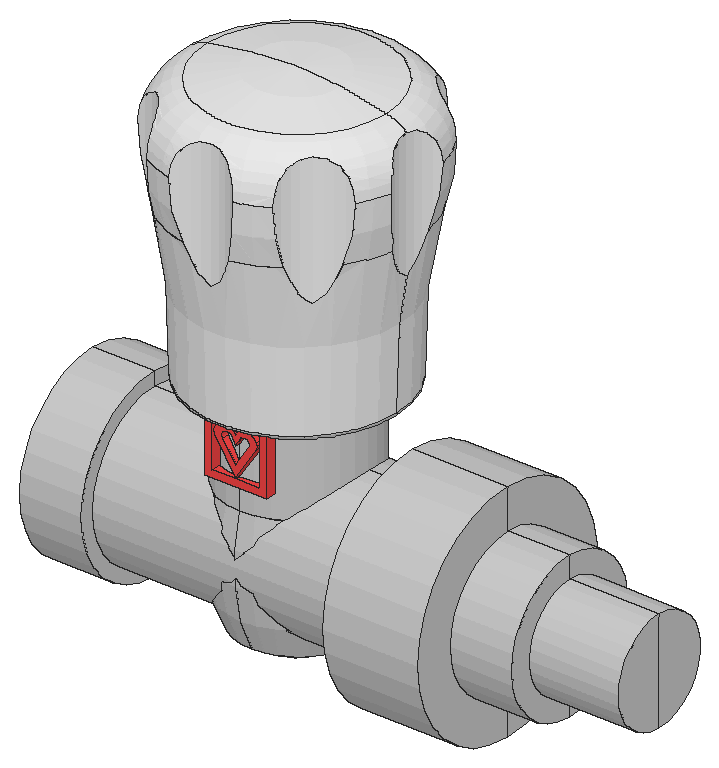
Revit family "Запорно-регулирующий радиаторный клапан GP, проходной 5523", category Rohrzubehör, Revit 2021
Family settings
  Bemaßung runder Anschluss = Durchmesser verwenden
  Teiletyp = Unterbricht
  OmniClass-Nummer = 23.65.55.14
  OmniClass-Titel = Valves for Liquid Services
  Arbeitsebenenbasiert = Nein
  Immer vertikal = Ja
  Beim Laden mit Abzugskörper schneiden = Nein
  Gemeinsam genutzt = Nein
Parameters
  Среда = "Качество воды в соответствии с ÖNORM H 5195 или директивой VDI 2035."
  Область применения = "Системы водяного отопления, в которых требуется точное ручное гидравлическое регулирование подачи воды к отопительным приборам. Рекомендуется также для монтажа в системах холодоснабжения, для точного ручного регулирования регистров охлаждения."
  Номер заказа [instance] = size_lookup("5523_", "Artnr", 0, Nennweite)  # 1552321
  Маховик = "Пластик, белый"  # constant formula
  Макс. рабочее давление = 1000000.0 Pa  # constant formula
  Макс. рабочая температура = 120 °C  # constant formula
  Корпус = "Никелированная латунь"  # constant formula
  Исполнение = "Универсальные модели со специальной муфтой для резьбовой трубы и компрессионных фитингов, никелированные."
  W01 = 60.00°  # constant formula
  Vorgabe-Ansicht = 0.000 mm
  URL = "www.herz-armaturen.ru"
  SCRNSEQ = "ARM;ARM_TYP=\"ALLF\";2"
  SCRNCODE = "05;00;02"  # constant formula
  S04 = 45.000 mm  # constant formula
  S03 = 61.000 mm  # constant formula
  S02 [instance] = L05 + L06 + L07  # 53.300 mm
  S01 = 10.000 mm  # constant formula
  R05 = 25.000 mm  # constant formula
  R04 = 2.000 mm  # constant formula
  R03 = 28.000 mm  # constant formula
  R02 = 11.500 mm  # constant formula
  R01 = 10.500 mm  # constant formula
  Nennweite [instance] = 15.000 mm
  LO1 = 10.500 mm  # constant formula
  L07 [instance] = size_lookup("5523_", "L7", 1.000 mm, Nennweite)  # 22.300 mm
  L06 [instance] = size_lookup("5523_", "L6", 1.000 mm, Nennweite)  # 14.000 mm
  L05 [instance] = L02 - L04  # 17.000 mm
  L04 [instance] = size_lookup("5523_", "L4", 1.000 mm, Nennweite)  # 8.000 mm
  L03 [instance] = size_lookup("5523_", "L3", 1.000 mm, Nennweite)  # 9.000 mm
  L02 [instance] = size_lookup("5523_", "L2", 1.000 mm, Nennweite)  # 25.000 mm
  L01 [instance] = size_lookup("5523_", "L1", 1.000 mm, Nennweite)  # 30.000 mm
  Hersteller = "HERZ Armaturen Ges.m.b.H."  # constant formula
  H02 = 25.500 mm  # constant formula
  H01 = 17.000 mm  # constant formula
  GTI [instance] = size_lookup("5523_", "GT1", 1.000 mm, Nennweite)  # 13.200 mm
  GT [instance] = size_lookup("5523_", "GT", 1.000 mm, Nennweite)  # 9.500 mm
  G2 [instance] = Nennweite / 2  # 7.500 mm
  G1 [instance] = Nennweite / 2  # 7.500 mm
  D05 [instance] = size_lookup("5523_", "D5", 1.000 mm, Nennweite)  # 10.650 mm
  D04 [instance] = size_lookup("5523_", "D4", 1.000 mm, Nennweite)  # 16.500 mm
  D03 [instance] = size_lookup("5523_", "D3", 1.000 mm, Nennweite)  # 9.525 mm
  D02 [instance] = size_lookup("5523_", "D2", 1.000 mm, Nennweite)  # 11.500 mm
  D01 [instance] = size_lookup("5523_", "D1", 1.000 mm, Nennweite)  # 13.500 mm
Reference planes
  plane 1 "Mitte (Vorne/hinten)": y = 0
  plane 2: z = 0
  plane 3 "Mitte (Links/rechts)": x = 0
Forms (mm)
  Revolve 1, solid, material "Messing, weicher Gelbton, geschweißt", detail levels fine
    sketch origin (0, 0, 0) x (1, 0, 0) y (0, 0, 1)
      loop
        line (-20.5, 0) -> (25, 0) -> (25, 9.525) -> (17, 9.525) -> (17, 11.5) -> (-21, 11.5) -> (-21, 13.5) -> (-30, 13.5) -> (-30, 7.5) -> (-20.5, 7.5) -> (-20.5, 0)
      axis (-30, 0) -> (25, 0)
    angle from 0 to 360
  Revolve 2, solid, material "Messing, weicher Gelbton, geschweißt", detail levels fine
    sketch origin (0, 0, 0) x (0, 1, 0) y (0, 0, 1)
      loop
        line (0, 25.5) -> (-10.5, 25.5) -> (-10.5, 7)
        arc (-10.5, 7) -> (-11.341, -2.816) -> (-8.325, -12.194) r 25
        line (-8.325, -12.194) -> (0, -17) -> (0, 25.5)
      axis (0, -17) -> (0, 25.5)
    angle from 0 to 360
  Revolve 3, solid, material "Messing, weicher Gelbton, geschweißt", detail levels fine
    sketch origin (0, 0, 0) x (1, 0, 0) y (0, 0, 1)
      loop
        line (25, 0) -> (53.3, 0) -> (53.3, 7.5) -> (40.1, 7.5) -> (40.1, 10.65) -> (31, 10.65) -> (31, 16.5) -> (17, 16.5) -> (17, 9.525) -> (25, 9.525) -> (25, 0)
      axis (17, 0) -> (53.3, 0)
    angle from 0 to 360
Lines and regions (mm)
  model lines, detail levels coarse+medium
    curve 1: line (-30, 0, 13.5) -> (-30, 0, -13.5)
    curve 2: line (-30, 0, -13.5) -> (30, 0, 13.5)
    curve 3: line (30, 0, 13.5) -> (30, 0, -13.5)
    curve 4: line (30, 0, -13.5) -> (-30, 0, 13.5)
    curve 5: line (30, 0, 13.5) -> (40, 0, 13.5)
    curve 6: line (40, 0, 13.5) -> (30, 0, 0)
    curve 7: line (30, 0, -13.5) -> (40, 0, -13.5)
    curve 8: line (40, 0, -13.5) -> (30, 0, 0)
    curve 9: line (30, 0, 0) -> (53.3, 0, 0)
    curve 10: line (0, 0, 0) -> (0, 0, 61)
    curve 11: line (-22.5, 0, 61) -> (22.5, 0, 61)
    curve 12: line (-30, 13.5, 0) -> (-30, -13.5, 0)
    curve 13: line (-30, -13.5, 0) -> (30, 13.5, 0)
    curve 14: line (30, 13.5, 0) -> (30, -13.5, 0)
    curve 15: line (30, -13.5, 0) -> (-30, 13.5, 0)
    curve 16: line (0, 0, 0) -> (0, 61, 0)
    curve 17: line (-22.5, 61, 0) -> (22.5, 61, 0)
    curve 18: line (30, 13.5, 0) -> (40, 13.5, 0)
    curve 19: line (40, 13.5, 0) -> (30, 0, 0)
    curve 20: line (30, -13.5, 0) -> (40, -13.5, 0)
    curve 21: line (40, -13.5, 0) -> (30, 0, 0)
Dimensions and locks
  "L01": Revolve 1 sketch curve to plane 3 "Mitte (Links/rechts)"
  "L02": Revolve 1 sketch curve to plane 3 "Mitte (Links/rechts)"
  "G1": Revolve 1 sketch curve to plane 2
  "GT": Revolve 1 sketch curve to Revolve 1 sketch curve
  "D01": Revolve 1 sketch curve to Revolve 1 sketch curve
  "D02": Revolve 1 sketch curve to Revolve 1 sketch curve
  "D03": Revolve 1 sketch curve to Revolve 1 sketch curve
  "L03": Revolve 1 sketch curve to Revolve 1 sketch curve
  "L04": Revolve 1 sketch curve to Revolve 1 sketch curve
  "H01": plane 2 to Revolve 2 sketch curve
  "H02": Revolve 2 sketch curve to plane 2
  "R01": Revolve 2 sketch curve to plane 1 "Mitte (Vorne/hinten)"
  "R02": Revolve 2 sketch curve to plane 1 "Mitte (Vorne/hinten)"
  "D03": Revolve 3 sketch curve to plane 2
  "L04": Revolve 3 sketch curve to Revolve 3 sketch curve
  "L05": Revolve 3 sketch curve to plane 3 "Mitte (Links/rechts)"
  "L06": Revolve 3 sketch curve to Revolve 3 sketch curve
  "L07": Revolve 3 sketch curve to Revolve 3 sketch curve
  "D04": Revolve 3 sketch curve to Revolve 3 sketch curve
  "G2": Revolve 3 sketch curve to Revolve 3 sketch curve
  "D05": Revolve 3 sketch curve to Revolve 3 sketch curve
  "GTI": Revolve 3 sketch curve to Revolve 3 sketch curve
  "LO1": nested 2 to plane 2
  "LO1": nested 1 to nested 2
  "D01": curve 4 to plane 2 to curve 2
  "D01": curve 3 to plane 2 to curve 4
  "L01": curve 1 to plane 3 "Mitte (Links/rechts)" to curve 3
  "S01": curve 3 to curve 6
  "S02": curve 9 to plane 3 "Mitte (Links/rechts)"
  "S03": curve 10 to plane 2
  equal spacing: curve 11, curve 10, curve 11
  "S04": curve 11 to curve 11
  "L01": curve 12 to plane 3 "Mitte (Links/rechts)" to curve 14
  "D01": curve 13 to plane 1 "Mitte (Vorne/hinten)" to curve 15
  "D01": curve 15 to plane 1 "Mitte (Vorne/hinten)" to curve 14
  "S03": plane 1 "Mitte (Vorne/hinten)" to curve 16
  equal spacing: curve 17, plane 3 "Mitte (Links/rechts)", curve 17
  "S04": curve 17 to curve 17
  "S01": curve 14 to curve 19
  "S01": curve 14 to curve 21
  "R05": radius of Revolve 2 sketch curve
  "W01": angle Revolve 2 sketch curve to Revolve 2 sketch curve
  aligned and locked: level to plane 2
Automatic sketch dimensions
  curve 10 to level = 0.000 mm
  curve 9 to level = 0.000 mm
  curve 3 to curve 7 = 10.000 mm
  curve 16 to plane 3 "Mitte (Links/rechts)" = 0.000 mm
  plane 1 "Mitte (Vorne/hinten)" to curve 19 = 0.000 mm
  Revolve 1 sketch curve to level = 0.000 mm  (x2)
  Revolve 1 sketch curve to Revolve 1 sketch curve = 1436.530 mm
  Revolve 1 sketch curve to Revolve 1 sketch curve = 1779.148 mm
  Revolve 2 sketch curve to plane 1 "Mitte (Vorne/hinten)" = 0.000 mm  (x2)
  Revolve 2 sketch curve to level = 0.000 mm
  Revolve 2 sketch curve to Revolve 2 sketch curve = 98.333 mm
  Revolve 2 sketch curve to Revolve 2 sketch curve = 1236.335 mm
  Revolve 3 sketch curve to level = 0.000 mm  (x2)
  Revolve 3 sketch curve to plane 3 "Mitte (Links/rechts)" = 1506.530 mm
  Revolve 3 sketch curve to Revolve 3 sketch curve = 1789.648 mm
Nested families
  nested 1: "Handrad-Heizkörperventile" at (0, 0, 20), type "Handrad-Heizkörperventile", detail levels fine
  nested 2: "Herz-Logo-vorne" at (0, -10.5, 15) x (0, 1, 0) z (0, 0, 1), type "Herz-Logo-vorne", detail levels fine
Connectors
  piping at (-20.5, 0, 0), diameter 15, driven by "Nennweite"
    settings: on Revolve 1, index 1, connector inside diameter 609.6 mm, connector length 0.000 mm, flow factor 0, pipe flow 0.0 L/s, pressure drop 0.0 Pa, fitting loss kfactor 0, connector angle 0.00°, fixture units 0, engagement length 0.000 mm, angle of deflection 0.00°, flow configuration 0, flow direction 1, fitting loss method 0, system type 7, joint type 0, gender type 0, connector reference index -1, connector utility 0, adjustable connector no, is connector primary yes, connector description ""
  piping at (53.3, 0, 0), diameter 15, driven by "Nennweite"
    settings: on Revolve 3, index 2, connector inside diameter 609.6 mm, connector length 0.000 mm, flow factor 0, pipe flow 0.0 L/s, pressure drop 0.0 Pa, fitting loss kfactor 0, connector angle 0.00°, fixture units 0, engagement length 0.000 mm, angle of deflection 0.00°, flow configuration 0, flow direction 2, fitting loss method 0, system type 7, joint type 0, gender type 0, connector reference index -1, connector utility 0, adjustable connector no, is connector primary no, connector description ""
Definition of nested family "Handrad-Heizkörperventile"
  Parameters (values of type "Handrad-Heizkörperventile")
    Default Elevation = 0.000 mm
    T01 = 5.500 mm  # constant formula
    R01 = 10.500 mm  # constant formula
  Reference planes
    plane 1 "Mitte (Vorne/hinten)": y = 0
    plane 2: z = 0
    plane 3 "Mitte (Links/rechts)": x = 0
  Forms (mm)
    Revolve 1, solid, detail levels fine
      sketch origin (0, 0, 0) x (1, 0, 0) y (0, 0, 1)
        loop
          line (10.5, 0) -> (14.25, 0)
          arc (14.25, 0) -> (14.604, 0.146) -> (14.75, 0.5) r 0.5
          arc (14.75, 0.5) -> (15.098, 12.356) -> (17.195, 24.03) r 80
          arc (17.195, 24.03) -> (18.172, 28.281) -> (18.5, 32.63) r 29
          arc (18.5, 32.63) -> (17.011, 36.946) -> (13.177, 39.426) r 7
          arc (13.177, 39.426) -> (6.637, 40.626) -> (0, 41.028) r 55
          line (0, 41.028) -> (0, 5.5) -> (10.5, 5.5) -> (10.5, 0)
        axis (0, 41.028) -> (0, 0)
      angle from 0 to 360
    Extrusion 2, void
      sketch origin (0, 0, 0) x (1, 0, 0) y (0, 1, 0)
        loop
          arc (-16.011, 9.268) -> (-11.314, 11.314) -> (-9.268, 16.011) r 7
          arc (-9.268, 16.011) -> (-13.081, 13.081) -> (-16.011, 9.268) r 18.5
        loop
          arc (16.011, 9.268) -> (13.081, 13.081) -> (9.268, 16.011) r 18.5
          arc (9.268, 16.011) -> (11.314, 11.314) -> (16.011, 9.268) r 7
        loop
          arc (-16.011, -9.268) -> (-13.081, -13.081) -> (-9.268, -16.011) r 18.5
          arc (-9.268, -16.011) -> (-11.314, -11.314) -> (-16.011, -9.268) r 7
        loop
          arc (16.011, -9.268) -> (11.314, -11.314) -> (9.268, -16.011) r 7
          arc (9.268, -16.011) -> (13.081, -13.081) -> (16.011, -9.268) r 18.5
        loop
          arc (17.953, 4.58) -> (16.078, -0.188) -> (17.953, -4.956) r 7
          arc (17.953, -4.956) -> (18.578, -0.188) -> (17.953, 4.58) r 18.5
        loop
          arc (-17.953, 4.58) -> (-18.578, -0.188) -> (-17.953, -4.956) r 18.5
          arc (-17.953, -4.956) -> (-16.078, -0.188) -> (-17.953, 4.58) r 7
        loop
          arc (-4.58, 17.953) -> (0.188, 16.078) -> (4.956, 17.953) r 7
          arc (4.956, 17.953) -> (0.188, 18.578) -> (-4.58, 17.953) r 18.5
        loop
          arc (-4.58, -17.953) -> (0.188, -18.578) -> (4.956, -17.953) r 18.5
          arc (4.956, -17.953) -> (0.188, -16.078) -> (-4.58, -17.953) r 7
      from 15.609 to 43.011
  Cuts and joins
    Extrusion 2 cuts Revolve 1
  Dimensions and locks
    "R01": Revolve 1 sketch curve to Revolve 1 sketch curve
    Revolve 1 sketch curve to plane 3 "Mitte (Links/rechts)" = 14.750 mm
    "T01": Revolve 1 sketch curve to Revolve 1 sketch curve
    aligned and locked: level to plane 2
  Automatic sketch dimensions
    Extrusion 2 sketch curve to Extrusion 2 sketch curve = 0.000 mm  (x14)
    plane 1 "Mitte (Vorne/hinten)" to Extrusion 2 sketch curve = 0.000 mm
    Extrusion 2 sketch curve to plane 3 "Mitte (Links/rechts)" = 0.000 mm
    Extrusion 2 sketch curve to plane 3 "Mitte (Links/rechts)" = 0.078 mm
    Extrusion 2 sketch curve to plane 3 "Mitte (Links/rechts)" = 16.263 mm  (x2)
    plane 1 "Mitte (Vorne/hinten)" to Extrusion 2 sketch curve = 0.188 mm  (x2)
    Extrusion 2 sketch curve to Extrusion 2 sketch curve = 6.815 mm  (x4)
    plane 3 "Mitte (Links/rechts)" to Extrusion 2 sketch curve = 0.078 mm
    plane 3 "Mitte (Links/rechts)" to Extrusion 2 sketch curve = 0.188 mm  (x2)
    plane 1 "Mitte (Vorne/hinten)" to Extrusion 2 sketch curve = 0.078 mm
    Extrusion 2 sketch curve to Extrusion 2 sketch curve = 0.110 mm  (x2)
    Extrusion 2 sketch curve to plane 1 "Mitte (Vorne/hinten)" = 0.078 mm
    plane 3 "Mitte (Links/rechts)" to Extrusion 2 sketch curve = 16.263 mm  (x2)
    plane 1 "Mitte (Vorne/hinten)" to Extrusion 2 sketch curve = 16.263 mm  (x2)
    Extrusion 2 sketch curve to plane 1 "Mitte (Vorne/hinten)" = 16.263 mm  (x2)
    Extrusion 2 sketch curve to plane 3 "Mitte (Links/rechts)" = 4.580 mm  (x2)
    Extrusion 2 sketch curve to Extrusion 2 sketch curve = 4.688 mm  (x2)
    Extrusion 2 sketch curve to Extrusion 2 sketch curve = 0.252 mm  (x4)
    Extrusion 2 sketch curve to Extrusion 2 sketch curve = 1.942 mm  (x4)
    Extrusion 2 sketch curve to Extrusion 2 sketch curve = 4.312 mm  (x4)
    Revolve 1 sketch curve to plane 3 "Mitte (Links/rechts)" = 0.000 mm  (x2)
    Revolve 1 sketch curve to level = 0.000 mm
    Revolve 1 sketch curve to plane 3 "Mitte (Links/rechts)" = 10.500 mm
    plane 3 "Mitte (Links/rechts)" to Revolve 1 sketch curve = 11.500 mm
    Revolve 1 sketch curve to Revolve 1 sketch curve = 0.500 mm
    level to Revolve 1 sketch curve = 4.086 mm
    Revolve 1 sketch curve to Revolve 1 sketch curve = 79.920 mm
    Revolve 1 sketch curve to level = 13.972 mm
    Revolve 1 sketch curve to Revolve 1 sketch curve = 27.130 mm
    Revolve 1 sketch curve to Revolve 1 sketch curve = 8.398 mm
    Revolve 1 sketch curve to Revolve 1 sketch curve = 0.000 mm
    Revolve 1 sketch curve to Revolve 1 sketch curve = 1.305 mm
    Revolve 1 sketch curve to Revolve 1 sketch curve = 352.073 mm
    Revolve 1 sketch curve to Revolve 1 sketch curve = 2173.287 mm
Definition of nested family "Herz-Logo-vorne"
  Parameters (values of type "Herz-Logo-vorne")
    Default Elevation = 0.000 mm
  Reference planes
    plane 1 "Mitte (Vorne/hinten)": y = 0
    plane 2: z = 0
    plane 3 "Mitte (Links/rechts)": x = 0
  Forms (mm)
    Extrusion 1, solid
      sketch origin (0.732, -0.018, 0.017) x (0, -1, 0) y (0, 0, 1)
        loop
          line (-0.018, -4.517) -> (4.482, -4.517) -> (4.482, 4.483) -> (-4.518, 4.483) -> (-4.518, -4.517) -> (-0.018, -4.517)
        loop
          line (-0.05, -3.48) -> (3.482, -3.48) -> (3.482, 3.483) -> (-3.518, 3.483) -> (-3.518, -3.48) -> (-0.05, -3.48)
        loop
          arc (-0.018, 2.383) -> (-1.543, 3.287) -> (-3.067, 2.383) r 1.738
          arc (-3.067, 2.383) -> (-3.191, 1.899) -> (-3.067, 1.415) r 1.009
          line (-3.067, 1.415) -> (-0.018, -3.281) -> (3.032, 1.415)
          arc (3.032, 1.415) -> (3.156, 1.899) -> (3.032, 2.383) r 1.009
          arc (3.032, 2.383) -> (1.507, 3.287) -> (-0.018, 2.383) r 1.738
        loop
          arc (1.885, 1.272) -> (2.005, 1.675) -> (1.885, 2.079) r 0.74
          arc (1.885, 2.079) -> (1.265, 2.416) -> (0.644, 2.079) r 0.74
          line (0.644, 2.079) -> (-0.018, 0.97) -> (-0.679, 2.079)
          arc (-0.679, 2.079) -> (-1.3, 2.416) -> (-1.921, 2.079) r 0.74
          arc (-1.921, 2.079) -> (-2.04, 1.675) -> (-1.921, 1.272) r 0.74
          line (-1.921, 1.272) -> (-0.018, -1.658) -> (1.885, 1.272)
      from 0 to 1.5
  Dimensions and locks
    aligned and locked: level to plane 2
